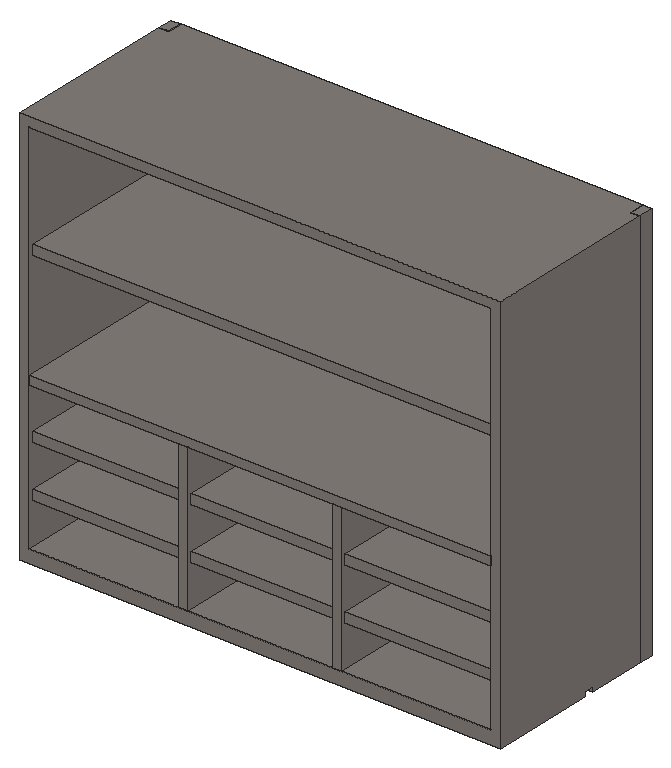
Revit family "Cabinet-Teknion-CEUPO_Upper_Cabinet_Pigeonholes_Section_Open-R2022", category Furniture, Revit 2023
Family settings
  OmniClass Number = 23.40.20.00
  OmniClass Title = General Furniture and Specialties
  Work Plane-Based = No
  Enable Cutting in Views = No
  Always vertical = Yes
  Cut with Voids When Loaded = No
  Render Appearance Source = Family Geometry
  Shared = Yes
  Room Calculation Point = No
Parameters (values of type "Height 30")
  Width [instance] = 36.000"
  Warranty = "http://www.teknion.com/ca/papers/legal-canada"
  Vertical Divider Gap [instance] = if(Width = 36.000", 11.533", if(Width = 33.000", 10.533", 9.533"))  # 11.533"
  Unit Weight URL = "http://www.teknion.com/ca/tools/assets#&asset=bee6a381-b954-425e-8283-5a2de3a804f2,f828d448-4b62-4231-9e5f-9a8991c0ed77"
  URL = "www.teknion.com"
  To render please download texture images found here [instance] = "https://assets.teknion.com/web/5e81352c1dfdb467/revit-material-swatches/"
  Sustainability Data = "https://www.teknion.com/ca/tools/assets#&topic=216f99a5-57a0-44fc-b10a-9dee9b29ae4c&asset=444deb64-fe58-4b68-981e-f75e97781df7,b4ff2d81-9f2e-437d-9659-7cffb09c31cf"
  Series = "Expansion Casework+"  # constant formula
  Right Groove Light Connection [instance] = yes
  Right Groove Connection [instance] = if(or(None Groove Light Connection, Right Groove Light Connection), 4.845", 1.000")  # 4.845"
  Right End Panel [instance] = yes
  Product Page URL = "https://www.teknion.com/ca//products/product-details?productLineId=30ca1270-8e7a-673b-a6c8-ff05004460c4"
  Product Line = "Upper Cabinets"  # constant formula
  Product Documentation Link = "https://www.teknion.com/pricing/expansion-casework/pdfs/CEUPS_ppg.pdf"
  Part Number = "CEUPO"  # constant formula
  None Groove Light Connection [instance] = no
  No Light Management [instance] = no
  NOTE [instance] = "Light Management with Groove Connection is not available when 12 to 21 width cabinet is specified"  # constant formula
  Model = "CEUPO15_30"
  Manufacturer Phone = "416-661-3370"  # constant formula
  Manufacturer Fax = "416.661.4586"  # constant formula
  Manufacturer Contact Information = "http://www.teknion.com/ca/contactus"
  Manufacturer Address = "1150 Flint Road, Toronto, ON. M3J 2J5. Canada"  # constant formula
  Manufacturer = "Teknion"  # constant formula
  Light Management [instance] = "Please pick one below:"  # constant formula
  Left Groove Light Connection [instance] = no
  Left Groove Connection [instance] = if(or(None Groove Light Connection, Left Groove Light Connection), 4.845", if(No Light Management, 39.000", 1.000"))  # 1.000"
  Left End Panel [instance] = yes
  Integrated End Panel [instance] = "Please pick one below:"  # constant formula
  How To Use Teknion Materials User Guide [instance] = "https://assets.teknion.com/m/205dd0a49fa58060/original/How-to-add-a-Material-Library-and-Texture-Images-to-your-Revit-project.pdf"
  Height = 30.000"
  For Additional Finishes please visit [instance] = "https://assets.teknion.com/m/44a8009b046e5d47/original/Teknion_Materials_Library.zip"
  Description = "Upper Cabinet – Pigeonholes Section and Open,15\"D,30\"H"
  Default Elevation = 0.000"
  Case Finish [instance] = Veneer - Teknion - 5P - Flintwood - Poppy Seed
  Both Groove Light Connection [instance] = no
  Available Width [instance] = "12\", 15\", 18\", 21\", 24\", 27\", 30\", 33\", 36\""  # constant formula
  Assembly Code = "E2020200"
  2 Vertical Divider [instance] = or(Width = 30.000", Width = 33.000", Width = 36.000")  # yes
  2 Doors [instance] = Width > 21.000"  # yes
  1 Vertical Divider [instance] = or(Width = 21.000", Width = 24.000", Width = 27.000")  # no
  1 Door [instance] = not([2 Doors])  # no
Types (6): name | Right Groove Light Connection | Right Groove Connection | None Groove Light Connection | No Light Management | Model | Left Groove Connection | Height | Description | Case Finish
  (no name) | yes | 4.845" | no | no | "CEUPO15_30" | 1.000" | 30.000" | "Upper Cabinet – Pigeonholes Section and Open,15\"D,30\"H" | Veneer - Teknion - 5P - Flintwood - Poppy Seed
  Height 42 | no | 1.000" | no | yes | "CEUPO15_42" | 39.000" | 42.000" | "Upper Cabinet – Pigeonholes Section and Open,15\"D,42\"H" | Veneer - Teknion - 5P - Flintwood - Poppy Seed
  Height 36 | no | 1.000" | no | yes | "CEUPO15_36" | 39.000" | 36.000" | "Upper Cabinet – Pigeonholes Section and Open,15\"D,36\"H" | Veneer-Teknion-VZ-Flintwood-Blond_Maple
  Height 33 | yes | 4.845" | no | no | "CEUPO15_33" | 1.000" | 33.000" | "Upper Cabinet – Pigeonholes Section and Open,15\"D,33\"H" | Veneer-Teknion-VZ-Flintwood-Blond_Maple
  Height 30 | yes | 4.845" | no | no | "CEUPO15_30" | 1.000" | 30.000" | "Upper Cabinet – Pigeonholes Section and Open,15\"D,30\"H" | Veneer - Teknion - 5P - Flintwood - Poppy Seed
  Height 27 | no | 4.845" | yes | no | "CEUPO15_27" | 4.845" | 27.000" | "Upper Cabinet – Pigeonholes Section and Open,15\"D,27\"H" | Veneer-Teknion-VZ-Flintwood-Blond_Maple
Reference planes (in)
  plane 1 "Center Front/Back": y = -8.01181
  plane 2: z = 0
  plane 3 "Center Left/Right": x = 18
  plane 4 "Left": x = 0
  plane 5 "Right": x = 36
  plane 6 "Back": y = 0
  plane 7 "Front": y = -16.02362
  plane 8 "Top": z = 84
  plane 9: z = 54
  plane 10: x = 12.2335
  plane 11: x = 23.7665
  plane 12: x = 9
  plane 13: x = 27
  plane 14: x = -2.29921
  plane 15: x = 38.29921
Forms (in)
  Sweep 1, solid, material "Veneer - Teknion - 5P - Flintwood - Poppy Seed" <- "Case Finish"
    path origin (0, 0, 0) x (1, 0, 0) y (0, 1, 0)
      loop
        line (18, -1.11811) -> (18, -14.16142)
    profile origin (18, -7.63976, 0) x (1, 0, 0) y (0, 0, 1)
      loop
        line (-18, 84) -> (-18, 54) -> (18, 54) -> (18, 84) -> (-18, 84)
  Sweep 2, void
    path origin (0, 0, 0) x (1, 0, 0) y (0, 1, 0)
      loop
        line (18, -1.8189) -> (18, -14.16142)
    profile origin (18, -7.99016, 0) x (1, 0, 0) y (0, 0, 1)
      loop
        line (-17.29921, 83.29921) -> (-17.29921, 55.01575) -> (17.29921, 55.01575) -> (17.29921, 83.29921) -> (-17.29921, 83.29921)
  Sweep 3, solid, material "Veneer - Teknion - 5P - Flintwood - Poppy Seed" <- "Case Finish"
    path origin (0, 0, 0) x (1, 0, 0) y (0, 1, 0)
      loop
        line (0.70079, 0) -> (35.29921, 0)
    profile origin (18, 0, 0) x (0, 1, 0) y (0, 0, 1)
      loop
        line (-1.11811, 84) -> (-1.11811, 83.29921) -> (0, 83.29921) -> (0, 84) -> (-1.11811, 84)
  Sweep 4, solid, material "Veneer - Teknion - 5P - Flintwood - Poppy Seed" <- "Case Finish", visible <- "Left End Panel"
    path origin (0, -8.01181, 0) x (1, 0, 0) y (0, 0, 1)
      loop
        line (0, 84) -> (0, 54)
    profile origin (0, -8.01181, 69) x (0, -1, 0) y (1, 0, 0)
      loop
        line (-8.01181, 0) -> (-6.8937, 0) -> (-6.8937, 0.70079) -> (-8.01181, 0.70079) -> (-8.01181, 0)
  Sweep 5, solid, material "Veneer - Teknion - 5P - Flintwood - Poppy Seed" <- "Case Finish", visible <- "Right End Panel"
    path origin (35.29921, -8.01181, 0) x (1, 0, 0) y (0, 0, 1)
      loop
        line (0.70079, 84) -> (0.70079, 54)
    profile origin (36, -8.01181, 69) x (0, -1, 0) y (1, 0, 0)
      loop
        line (-8.01181, -0.70079) -> (-6.8937, -0.70079) -> (-6.8937, 0) -> (-8.01181, 0) -> (-8.01181, -0.70079)
  Sweep 6, solid, material "Veneer - Teknion - 5P - Flintwood - Poppy Seed" <- "Case Finish"
    path origin (0, 0, 0) x (1, 0, 0) y (0, 1, 0)
      loop
        line (0.70079, -8.01181) -> (35.29921, -8.01181)
    profile origin (18, -8.01181, 0) x (0, 1, 0) y (0, 0, 1)
      loop
        line (-5.95276, 75.35039) -> (-5.95276, 74.64961) -> (6.19291, 74.64961) -> (6.19291, 75.35039) -> (-5.95276, 75.35039)
      loop
        line (-6.14961, 66.70079) -> (-6.14961, 66) -> (6.19291, 66) -> (6.19291, 66.70079) -> (-6.14961, 66.70079)
  Sweep 7, solid, material "Veneer - Teknion - 5P - Flintwood - Poppy Seed" <- "Case Finish", visible <- "2 Vertical Divider"
    path origin (0, -8.01181, 0) x (1, 0, 0) y (0, 0, 1)
      loop
        line (18, 66) -> (18, 55.01575)
    profile origin (18, -8.01181, 60.50787) x (0, -1, 0) y (1, 0, 0)
      loop
        line (-6.19291, -6.1168) -> (6.14961, -6.1168) -> (6.14961, -5.41601) -> (-6.19291, -5.41601) -> (-6.19291, -6.1168)
      loop
        line (-6.19291, 5.41601) -> (6.14961, 5.41601) -> (6.14961, 6.1168) -> (-6.19291, 6.1168) -> (-6.19291, 5.41601)
  Sweep 8, solid, material "Veneer - Teknion - 5P - Flintwood - Poppy Seed" <- "Case Finish", visible <- "1 Vertical Divider"
    path origin (0, -8.01181, 0) x (1, 0, 0) y (0, 0, 1)
      loop
        line (18, 66) -> (18, 55.01575)
    profile origin (18, -8.01181, 60.50787) x (0, -1, 0) y (1, 0, 0)
      loop
        line (-6.19291, -0.35039) -> (6.14961, -0.35039) -> (6.14961, 0.35039) -> (-6.19291, 0.35039) -> (-6.19291, -0.35039)
  Sweep 9, solid, material "Veneer - Teknion - 5P - Flintwood - Poppy Seed" <- "Case Finish"
    path origin (0, 0, 0) x (1, 0, 0) y (0, 1, 0)
      loop
        line (0.70079, -8.01181) -> (35.29921, -8.01181)
    profile origin (18, -8.01181, 0) x (0, 1, 0) y (0, 0, 1)
      loop
        line (-5.95276, 62.80577) -> (-5.95276, 62.10499) -> (6.19291, 62.10499) -> (6.19291, 62.80577) -> (-5.95276, 62.80577)
      loop
        line (-5.95276, 58.91076) -> (-5.95276, 58.20997) -> (6.19291, 58.20997) -> (6.19291, 58.91076) -> (-5.95276, 58.91076)
  Sweep 10, void
    path origin (0, -8.01181, 0) x (1, 0, 0) y (0, 0, 1)
      loop
        line (18, 54.33465) -> (18, 54)
    profile origin (18, -8.01181, 54.16732) x (0, -1, 0) y (1, 0, 0)
      loop
        line (-2.47244, 19.29921) -> (-2.47244, -15.45421)
        arc (-2.47244, -15.45421) -> (-2.09843, -15.82823) -> (-1.72441, -15.45421) r 0.37402
        line (-1.72441, -15.45421) -> (-1.72441, 19.29921)
        arc (-1.72441, 19.29921) -> (-2.09843, 19.67323) -> (-2.47244, 19.29921) r 0.37402
Cuts and joins
  Sweep 2, Sweep 10 cuts Sweep 1
  joined: Sweep 1, Sweep 3
Lines and regions (in)
  Masking region 1
    outline origin (0, 0, 0) x (1, 0, 0) y (0, 1, 0)
      loop
        line (0, -14.16142) -> (36, -14.16142) -> (36, -1.11811) -> (35.29921, -1.11811) -> (35.29921, 0) -> (0.70079, 0) -> (0.70079, -1.11811) -> (0, -1.11811) -> (0, -14.16142)
  Masking region 2, visible <- "Left End Panel"
    outline origin (0, 0, 0) x (1, 0, 0) y (0, 1, 0)
      loop
        line (0, 0) -> (0, -1.11811) -> (0.70079, -1.11811) -> (0.70079, 0) -> (0, 0)
  Masking region 3, visible <- "Right End Panel"
    outline origin (0, 0, 0) x (1, 0, 0) y (0, 1, 0)
      loop
        line (35.29921, 0) -> (35.29921, -1.11811) -> (36, -1.11811) -> (36, 0) -> (35.29921, 0)
  symbolic lines, style "FurnitureHiddenLines", detail levels medium+fine
    curve 1: line (0, -1.11811, 0) -> (36, -1.11811, 0)
    curve 2: line (35.29921, -1.8189, 0) -> (0.70079, -1.8189, 0)
    curve 3: line (0.70079, -14.16142, 0) -> (0.70079, -1.8189, 0)
    curve 4: line (35.29921, -14.16142, 0) -> (35.29921, -1.8189, 0)
    curve 5: line (11.8832, -1.8189, 0) -> (11.8832, -14.16142, 0)
    curve 6: line (12.58399, -14.16142, 0) -> (12.58399, -1.8189, 0)
    curve 7: line (17.64961, -1.8189, 0) -> (17.64961, -14.16142, 0)
    curve 8: line (18.35039, -14.16142, 0) -> (18.35039, -1.8189, 0)
    curve 9: line (23.41601, -1.8189, 0) -> (23.41601, -14.16142, 0)
    curve 10: line (24.1168, -14.16142, 0) -> (24.1168, -1.8189, 0)
    curve 11: line (0.70079, -13.96457, 0) -> (35.29921, -13.96457, 0)
  symbolic lines, style "FurnitureHiddenLines", visible <- "Both Groove Light Connection", detail levels medium+fine
    curve 12: line (0, -5.53937, 0) -> (36, -5.53937, 0)
    curve 13: line (0, -6.2874, 0) -> (36, -6.2874, 0)
  symbolic lines, style "FurnitureHiddenLines", visible <- "Left Groove Light Connection", detail levels medium+fine
    curve 14: line (0, -5.53937, 69) -> (33.45421, -5.53937, 69)
    curve 16: line (33.45421, -6.2874, 69) -> (0, -6.2874, 69)
    curve 20: arc (33.45421, -6.2874, 0) -> (33.82823, -5.91339, 0) -> (33.45421, -5.53937, 0) r 0.37402
  symbolic lines, style "FurnitureHiddenLines", visible <- "None Groove Light Connection", detail levels medium+fine
    curve 15: arc (33.45421, -6.2874, 69) -> (33.82823, -5.91339, 69) -> (33.45421, -5.53937, 69) r 0.37402
    curve 17: line (33.45421, -5.53937, 0) -> (2.54579, -5.53937, 0)
    curve 18: arc (2.54579, -5.53937, 0) -> (2.17177, -5.91339, 0) -> (2.54579, -6.2874, 0) r 0.37402
    curve 19: line (2.54579, -6.2874, 0) -> (33.45421, -6.2874, 0)
  symbolic lines, style "FurnitureHiddenLines", visible <- "Right Groove Light Connection", detail levels medium+fine
    curve 21: line (36, -5.53937, 0) -> (2.54579, -5.53937, 0)
    curve 22: arc (2.54579, -5.53937, 0) -> (2.17177, -5.91339, 0) -> (2.54579, -6.2874, 0) r 0.37402
    curve 23: line (2.54579, -6.2874, 0) -> (36, -6.2874, 0)
Dimensions and locks (in)
  "Width": plane 4 "Left" to plane 5 "Right"
  locked: plane 6 "Back" to plane 7 "Front" at 16.02362
  plane 8 "Top" to level = 84.000"
  equal spacing: plane 6 "Back", plane 1 "Center Front/Back", plane 7 "Front"
  equal spacing: plane 4 "Left", plane 3 "Center Left/Right", plane 5 "Right"
  "Height": plane 8 "Top" to plane 9
  locked: plane 9 to plane 2 at 54
  plane 6 "Back" to Sweep 1 sketch curve to Sweep 1 sketch curve = 1.11811" locked, 13.04331" locked
  locked: plane 6 "Back" to Sweep 2 sketch curve at 1.8189
  locked: Sweep 2 sketch curve to plane 5 "Right" at 0.70079
  locked: Sweep 2 sketch curve to plane 4 "Left" at 0.70079
  locked: Sweep 2 sketch curve to plane 9 at 1.01575
  locked: plane 8 "Top" to Sweep 2 sketch curve at 0.70079
  equal spacing: plane 10, plane 3 "Center Left/Right", plane 11
  "Vertical Divider Gap": plane 10 to plane 11
  locked: plane 4 "Left" to Sweep 3 sketch curve at 0.70079
  locked: Sweep 3 sketch curve to plane 5 "Right" at 0.70079
  Sweep 6 sketch curve to Sweep 6 sketch curve to plane 9 = 0.70079" locked, 12.000" locked
  equal spacing: plane 8 "Top", Sweep 6 sketch curve, Sweep 6 sketch curve
  locked: Sweep 6 sketch curve to Sweep 6 sketch curve at 0.70079
  Sweep 7 sketch curve to plane 10 to Sweep 7 sketch curve = 0.3503" locked, 0.35049" locked
  Sweep 7 sketch curve to plane 11 to Sweep 7 sketch curve = 0.35049" locked, 0.3503" locked
  Sweep 8 sketch curve to plane 3 "Center Left/Right" to Sweep 8 sketch curve = 0.35039" locked, 0.35039" locked
  locked: Sweep 9 sketch curve to Sweep 9 sketch curve at 12.14567
  plane 9 to Sweep 9 sketch curve to Sweep 9 sketch curve to Sweep 9 sketch curve to Sweep 9 sketch curve = 4.20997" locked, 0.70079" locked, 3.19423" locked, 0.70079" locked
  equal spacing: plane 4 "Left", plane 12, plane 3 "Center Left/Right"
  equal spacing: plane 3 "Center Left/Right", plane 13, plane 5 "Right"
  locked: Sweep 10 sketch curve to Sweep 10 sketch curve at 0.33465
  Sweep 10 sketch curve to Sweep 10 sketch curve to plane 1 "Center Front/Back" = 0.74803" locked, 1.72441" locked
  locked: plane 5 "Right" to plane 15 at 2.29921
  locked: plane 14 to plane 4 "Left" at 2.29921
  "Left Groove Connection": Sweep 10 sketch curve to plane 15
  "Right Groove Connection": plane 14 to Sweep 10 sketch curve
  plane 1 "Center Front/Back" to curve 13 to curve 12 = 1.72441" locked, 0.74803" locked
  aligned and locked: level to plane 2
  aligned and locked: Sweep 1 sketch curve to plane 3 "Center Left/Right"
  aligned and locked: Sweep 1 sketch curve to plane 8 "Top"
  aligned and locked: plane 4 "Left" to Sweep 1 sketch curve
  aligned and locked: plane 9 to Sweep 1 sketch curve
  aligned and locked: plane 5 "Right" to Sweep 1 sketch curve
  aligned and locked: Sweep 2 sketch curve to plane 3 "Center Left/Right"
  aligned and locked: Sweep 1 to Sweep 2 sketch curve
  aligned and locked: Sweep 3 sketch curve to plane 6 "Back"  (x2)
  aligned and locked: Sweep 3 sketch curve to cut or joined group of Sweep 1, Sweep 2, Sweep 3, Sweep 10  (x3)
  aligned and locked: plane 9 to Sweep 4 sketch curve
  aligned and locked: Sweep 4 sketch curve to plane 4 "Left"
  aligned and locked: plane 8 "Top" to Sweep 4 sketch curve
  aligned and locked: plane 4 "Left" to Sweep 4 sketch curve
  aligned and locked: Sweep 4 sketch curve to plane 6 "Back"
  aligned and locked: Sweep 4 sketch curve to cut or joined group of Sweep 1, Sweep 2, Sweep 3, Sweep 10  (x2)
  aligned and locked: Sweep 5 sketch curve to plane 6 "Back"
  aligned and locked: Sweep 5 sketch curve to plane 5 "Right"
  aligned and locked: Sweep 5 sketch curve to cut or joined group of Sweep 1, Sweep 2, Sweep 3, Sweep 10
  aligned and locked: cut or joined group of Sweep 1, Sweep 2, Sweep 3, Sweep 10 to Sweep 5 sketch curve
  aligned and locked: plane 5 "Right" to Sweep 5 sketch curve
  aligned and locked: plane 8 "Top" to Sweep 5 sketch curve
  aligned and locked: plane 9 to Sweep 5 sketch curve
  aligned and locked: plane 1 "Center Front/Back" to Sweep 6 sketch curve
  aligned and locked: cut or joined group of Sweep 1, Sweep 2, Sweep 3, Sweep 10 to Sweep 6 sketch curve  (x4)
  aligned and locked: Sweep 6 to Sweep 7 sketch curve
  aligned and locked: cut or joined group of Sweep 1, Sweep 2, Sweep 3, Sweep 10 to Sweep 7 sketch curve
  aligned and locked: Sweep 7 sketch curve to plane 3 "Center Left/Right"
  aligned and locked: Sweep 7 sketch curve to Sweep 6  (x4)
  aligned and locked: Sweep 8 sketch curve to plane 3 "Center Left/Right"
  aligned and locked: cut or joined group of Sweep 1, Sweep 2, Sweep 3, Sweep 10 to Sweep 8 sketch curve
  aligned and locked: Sweep 6 to Sweep 8 sketch curve
  aligned and locked: Sweep 8 sketch curve to Sweep 6  (x2)
  aligned and locked: plane 1 "Center Front/Back" to Sweep 9 sketch curve
  aligned and locked: Sweep 6 to Sweep 9 sketch curve  (x2)
  aligned and locked: Sweep 9 sketch curve to Sweep 7  (x2)
  aligned and locked: Sweep 9 sketch curve to Sweep 9 sketch curve
  aligned and locked: Masking region 1 sketch curve to cut or joined group of Sweep 1, Sweep 2, Sweep 3, Sweep 10  (x5)
  aligned and locked: Masking region 1 sketch curve to Sweep 4
  aligned and locked: Masking region 1 sketch curve to Sweep 5
  aligned and locked: Masking region 2 sketch curve to Sweep 4
  aligned and locked: plane 4 "Left" to Masking region 2 sketch curve
  aligned and locked: Masking region 2 sketch curve to cut or joined group of Sweep 1, Sweep 2, Sweep 3, Sweep 10  (x2)
  aligned and locked: cut or joined group of Sweep 1, Sweep 2, Sweep 3, Sweep 10 to Masking region 3 sketch curve
  aligned and locked: Masking region 3 sketch curve to cut or joined group of Sweep 1, Sweep 2, Sweep 3, Sweep 10  (x3)
  aligned and locked: curve 1 to cut or joined group of Sweep 1, Sweep 2, Sweep 3, Sweep 10
  aligned and locked: curve 2 to Sweep 6
  aligned and locked: curve 3 to Sweep 6
  aligned and locked: curve 4 to Sweep 6
  aligned and locked: curve 5 to Sweep 7
  aligned and locked: curve 6 to Sweep 7
  aligned and locked: curve 7 to Sweep 8
  aligned and locked: curve 8 to Sweep 8
  aligned and locked: curve 9 to Sweep 7
  aligned and locked: curve 10 to Sweep 7
  aligned and locked: curve 11 to Sweep 6
  aligned and locked: nested 1 to plane 6 "Back"
  aligned and locked: plane 4 "Left" to nested 1
  aligned and locked: nested 2 to plane 6 "Back"
  aligned and locked: nested 2 to plane 5 "Right"
  aligned and locked: nested 3 to plane 4 "Left"
  aligned and locked: nested 4 to plane 5 "Right"
  aligned and locked: nested 3 to cut or joined group of Sweep 1, Sweep 2, Sweep 3, Sweep 10
  aligned and locked: cut or joined group of Sweep 1, Sweep 2, Sweep 3, Sweep 10 to nested 4
  aligned and locked: Sweep 10 sketch curve to plane 3 "Center Left/Right"
  aligned and locked: plane 9 to Sweep 10 sketch curve
  aligned and locked: plane 4 "Left" to curve 12
  aligned and locked: plane 4 "Left" to curve 13
  aligned and locked: plane 5 "Right" to curve 12
  aligned and locked: plane 5 "Right" to curve 13
  aligned and locked: curve 14 to cut or joined group of Sweep 1, Sweep 2, Sweep 3, Sweep 10
  aligned and locked: cut or joined group of Sweep 1, Sweep 2, Sweep 3, Sweep 10 to curve 17
  aligned and locked: curve 18 to cut or joined group of Sweep 1, Sweep 2, Sweep 3, Sweep 10
  aligned and locked: curve 19 to cut or joined group of Sweep 1, Sweep 2, Sweep 3, Sweep 10
Automatic sketch dimensions
  profile plane to Sweep 6 sketch curve = 5.95276"
  Sweep 6 sketch curve to profile plane = 6.19291"
  Masking region 1 sketch curve to plane 6 "Back" = 1.11811"
  curve 14 to plane 4 "Left" = 0.000"
  curve 16 to plane 4 "Left" = 0.000"
  curve 14 to curve 15 = 0.37402"
  plane 5 "Right" to curve 16 = 2.54579"
  curve 1 to plane 4 "Left" = 0.000"
  curve 1 to plane 5 "Right" = 0.000"
  plane 5 "Right" to curve 20 = 2.54579"
  curve 19 to curve 20 = 0.000"
  curve 17 to curve 20 = 0.000"
  curve 10 to plane 7 "Front" = 1.8622"
  curve 9 to curve 10 = 0.000"
  curve 8 to plane 7 "Front" = 1.8622"
  curve 3 to curve 11 = 0.19685"
  curve 7 to curve 8 = 0.000"
  curve 4 to curve 11 = 0.19685"
  curve 6 to plane 7 "Front" = 1.8622"
  curve 5 to curve 6 = 0.000"
  curve 23 to plane 5 "Right" = 0.000"
  curve 21 to plane 5 "Right" = 0.000"
  curve 18 to curve 22 = 0.000"
Nested families (in)
  nested 1: "Teknion_2D_Node_Family-R2016" at (0, 0, 0), type "Teknion_2D_Node_Family-R2016"
  nested 2: "Teknion_2D_Node_Family-R2016" at (36, 0, 0), type "Teknion_2D_Node_Family-R2016"
  nested 3: "Teknion_2D_Node_Family-R2016" at (0, -14.16142, 0), type "Teknion_2D_Node_Family-R2016"
  nested 4: "Teknion_2D_Node_Family-R2016" at (36, -14.16142, 0), type "Teknion_2D_Node_Family-R2016"
Definition of nested family "Teknion_2D_Node_Family-R2016"
  Reference planes (in)
    plane 1 "Center (Front/Back)": y = 0
    plane 2: z = 0
    plane 3 "Center (Left/Right)": x = 0
  Lines and regions (in)
    detail lines, in view "Ref. Level"
      curve 1: circle (0, 0, 0) r 1.25 normal (0, 0, 1)
      curve 2: line (1.91508, -1.91508, 0) -> (-1.91508, 1.91508, 0)
      curve 3: line (-1.91508, -1.91508, 0) -> (1.91508, 1.91508, 0)
